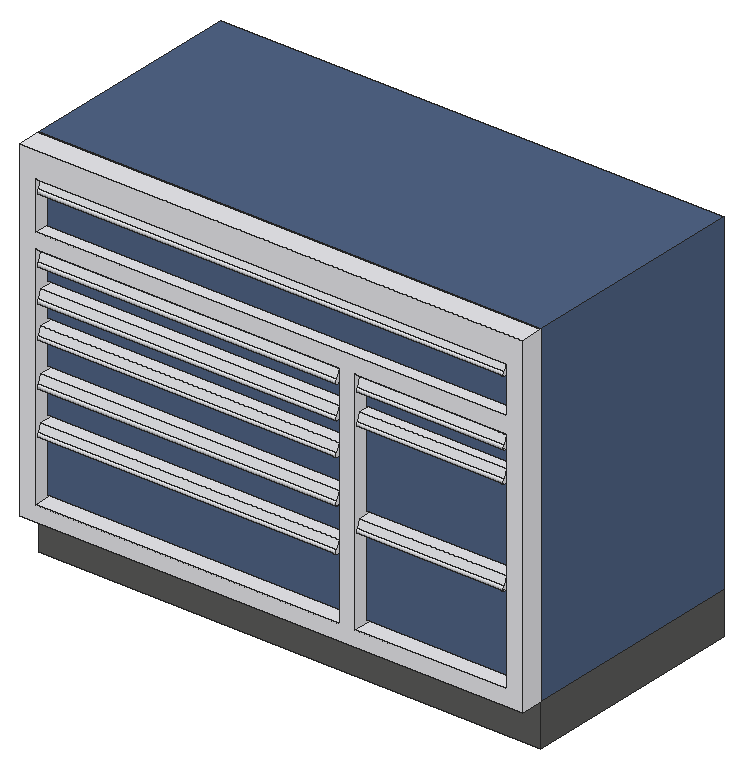
Revit family "Cabinet_Big-Drawer_No-Doors_Moduline", category Furniture, Revit 2024
Family settings
  OmniClass Number = 23.40.20.00
  OmniClass Title = General Furniture and Specialties
  Work Plane-Based = No
  Enable Cutting in Views = No
  Always vertical = Yes
  Cut with Voids When Loaded = No
  Render Appearance Source = Family Geometry
  Shared = No
  Room Calculation Point = No
Parameters (values of type "32"H x 24"D x 48"W")
  Width = 48.000"
  URL = "https://modulinecabinets.com"
  Toe Kick Material [instance] = Metal - Moduline Aluminum Cabinets - Black
  Toe Kick Height [instance] = if(Toe Kick 2in, 2.000", 4.000")  # 4.000"
  Toe Kick 4in [instance] = not(Toe Kick 2in)  # yes
  Toe Kick 2in [instance] = no
  Right Drawers Segment Length = if(Width = 48.000", 14.000", if(Width = 60.000", 22.500", 0.000"))  # 14.000"
  Product Page URL = "https://www.arcat.com/company/moduline-aluminum-cabinets-54175"
  Model = "Pro II Big Drawer Units"
  Manufacturer = "Moduline Aluminum Cabinets"
  Left Drawers Segment Length = if(Width = 60.000", 32.000", if(Width = 48.000", 28.500", 0.000"))  # 28.500"
  Keynote = "12 35 00"
  Height = 31.875"
  Handle Length = Width - 3.500"  # 44.500"
  Frame Material [instance] = Aluminum - Moduline Aluminum Cabinets - Clear Anodized
  Drawer Clearance = if(Depth = 24.000", 20.750", if(Depth = 18.000", 14.750", 0.000"))  # 20.750"
  Description = "Modular Big Drawer Unit, 32\" Height x 24\" Depth x 48\" Width"
  Depth = 24.000"  # constant formula
  Default Elevation = 0.000"
  Copyright = "ARCAT"
  Cabinet Material [instance] = Aluminum - Moduline Aluminum Cabinets - Moduline Blue
  36" Height Drawers Configuration = no
  32" Height Drawers Configuration = yes
Types (4): name | Width | Right Drawers Segment Length | Left Drawers Segment Length | Height | Handle Length | Description | 36" Height Drawers Configuration | 32" Height Drawers Configuration
  32"H x 24"D x 48"W | 48.000" | 14.000" | 28.500" | 31.875" | 44.500" | "Modular Big Drawer Unit, 32\" Height x 24\" Depth x 48\" Width" | no | yes
  36"H x 24"D x 60"W | 60.000" | 22.500" | 32.000" | 35.875" | 56.500" | "Modular Big Drawer Unit, 36\" Height x 24\" Depth x 60\" Width" | yes | no
  36"H x 24"D x 48"W | 48.000" | 14.000" | 28.500" | 35.875" | 44.500" | "Modular Big Drawer Unit, 36\" Height x 24\" Depth x 48\" Width" | yes | no
  32"H x 24"D x 60"W | 60.000" | 22.500" | 32.000" | 31.875" | 56.500" | "Modular Big Drawer Unit, 32\" Height x 24\" Depth x 60\" Width" | no | yes
Reference planes (in)
  plane 1 "Center Front/Back": y = 0
  plane 2 "Bottom": z = 0
  plane 3 "Center Left/Right": x = 0
  plane 4 "Top": z = 35.875
  plane 5 "Left": x = -24
  plane 6 "Right": x = 24
  plane 7 "Toe Kick Height": z = 4
  plane 8 "Front": y = -24
  plane 9 "Frame Back": y = -21.81448
  plane 10 "Drawer Handle": y = -22.31448
  plane 11 "Left Door/Drawer": x = -22.25
  plane 12 "Left Left Door/Drawer": x = 6.25
  plane 13 "Right Door/Drawer": x = 8.25
  plane 14 "Right Right Door/Drawer": x = 22.25
Forms (in)
  Extrusion 1, solid, material "Metal - Moduline Aluminum Cabinets - Black" <- "Toe Kick Material"
    sketch origin (0, 0, 0) x (0, 1, 0) y (0, 0, 1)
      loop
        line (-21.81448, 4) -> (-21.81448, 0) -> (0, 0) -> (0, 4) -> (-21.81448, 4)
    from -24 to 24
  Extrusion 2, solid, material "Aluminum - Moduline Aluminum Cabinets - Clear Anodized" <- "Frame Material"
    sketch origin (0, 0, 0) x (1, 0, 0) y (0, 0, 1)
      loop
        line (-24, 35.875) -> (-24, 4) -> (24, 4) -> (24, 35.875) -> (-24, 35.875)
      loop
        line (-22.5, 33.38183) -> (-22.5, 28.85618) -> (22.5, 28.85618) -> (22.5, 33.38183) -> (-22.5, 33.38183)
      loop
        line (-22.5, 5.5) -> (6.5, 5.5) -> (6.5, 27.36196) -> (-22.5, 27.36196) -> (-22.5, 5.5)
      loop
        line (22.5, 5.5) -> (22.5, 27.36196) -> (8, 27.36196) -> (8, 5.5) -> (22.5, 5.5)
    from 21.81448 to 24
  Extrusion 3, solid, material "Aluminum - Moduline Aluminum Cabinets - Moduline Blue" <- "Cabinet Material", visible <- "32" Height Drawers Configuration"
    sketch origin (0, 0, 0) x (1, 0, 0) y (0, 0, 1)
      loop
        line (-22.25, 12.14196) -> (-22.25, 5.9) -> (6.25, 5.9) -> (6.25, 12.14196) -> (-22.25, 12.14196)
      loop
        line (-22.25, 16.28696) -> (-22.25, 12.78696) -> (6.25, 12.78696) -> (6.25, 16.28696) -> (-22.25, 16.28696)
      loop
        line (-22.25, 16.93196) -> (6.25, 16.93196) -> (6.25, 20.43196) -> (-22.25, 20.43196) -> (-22.25, 16.93196)
      loop
        line (-22.25, 23.57696) -> (-22.25, 21.07696) -> (6.25, 21.07696) -> (6.25, 23.57696) -> (-22.25, 23.57696)
      loop
        line (-22.25, 24.22196) -> (6.25, 24.22196) -> (6.25, 26.72196) -> (-22.25, 26.72196) -> (-22.25, 24.22196)
      loop
        line (8.25, 14.64196) -> (8.25, 5.9) -> (22.25, 5.9) -> (22.25, 14.64196) -> (8.25, 14.64196)
      loop
        line (8.25, 23.78696) -> (8.25, 15.28696) -> (22.25, 15.28696) -> (22.25, 23.78696) -> (8.25, 23.78696)
      loop
        line (8.25, 24.22196) -> (22.25, 24.22196) -> (22.25, 26.72196) -> (8.25, 26.72196) -> (8.25, 24.22196)
      loop
        line (-22.25, 32.994) -> (-22.25, 28.994) -> (22.25, 28.994) -> (22.25, 32.994) -> (-22.25, 32.994)
    from 21.81448 to 22.89839
  Extrusion 4, solid, material "Aluminum - Moduline Aluminum Cabinets - Moduline Blue" <- "Cabinet Material"
    sketch origin (0, 0, 0) x (0, 1, 0) y (0, 0, 1)
      loop
        line (0, 35.875) -> (-21.81448, 35.875) -> (-21.81448, 4) -> (0, 4) -> (0, 35.875)
    from -24 to 24
  Extrusion 5, solid, material "Aluminum - Moduline Aluminum Cabinets - Moduline Blue" <- "Cabinet Material", visible <- "36" Height Drawers Configuration"
    sketch origin (0, -22.31448, 0) x (0, 0, 1) y (-1, 0, 0)
      loop
        line (36.999, 22.25) -> (32.999, 22.25) -> (32.999, -22.25) -> (36.999, -22.25) -> (36.999, 22.25)
      loop
        line (12.07196, 22.25) -> (5.9, 22.25) -> (5.9, -6.25) -> (12.07196, -6.25) -> (12.07196, 22.25)
      loop
        line (16.21696, 22.25) -> (12.71696, 22.25) -> (12.71696, -6.25) -> (16.21696, -6.25) -> (16.21696, 22.25)
      loop
        line (20.36196, 22.25) -> (16.86196, 22.25) -> (16.86196, -6.25) -> (20.36196, -6.25) -> (20.36196, 22.25)
      loop
        line (21.00696, 22.25) -> (21.00696, -6.25) -> (24.50696, -6.25) -> (24.50696, 22.25) -> (21.00696, 22.25)
      loop
        line (25.15196, 22.25) -> (25.15196, -6.25) -> (27.65196, -6.25) -> (27.65196, 22.25) -> (25.15196, 22.25)
      loop
        line (30.79696, 22.25) -> (28.29696, 22.25) -> (28.29696, -6.25) -> (30.79696, -6.25) -> (30.79696, 22.25)
      loop
        line (5.9, -8.25) -> (5.9, -22.25) -> (16.4, -22.25) -> (16.4, -8.25) -> (5.9, -8.25)
      loop
        line (30.555, -8.25) -> (28.055, -8.25) -> (28.055, -22.25) -> (30.555, -22.25) -> (30.555, -8.25)
      loop
        line (27.41781, -8.25) -> (16.91781, -8.25) -> (16.91781, -22.25) -> (27.41781, -22.25) -> (27.41781, -8.25)
    from -0.5 to 0.58391
Lines and regions (in)
  Masking region 1
    outline origin (0, 0, 0) x (1, 0, 0) y (0, 1, 0)
      loop
        line (-24, 0) -> (-24, -24) -> (24, -24) -> (24, 0) -> (-24, 0)
  model lines
    curve 1: line (24, 0, 35.3385) -> (24, 0, 35.50732)
  symbolic lines, style "FurnitureHiddenLines"
    curve 2: line (-24, -24, 35.875) -> (-24, -44.75, 35.875)
    curve 3: line (-24, -44.75, 35.875) -> (24, -44.75, 35.875)
    curve 4: line (24, -44.75, 35.875) -> (24, -24, 35.875)
Dimensions and locks (in)
  "Toe Kick Height": plane 7 "Toe Kick Height" to plane 2 "Bottom"
  "Height": plane 4 "Top" to plane 7 "Toe Kick Height"
  "Width": plane 6 "Right" to plane 5 "Left"
  equal spacing: plane 6 "Right", plane 3 "Center Left/Right", plane 5 "Left"
  locked: plane 8 "Front" to Extrusion 1 sketch curve at 2.18552
  plane 9 "Frame Back" to plane 8 "Front" = 2.18552"
  plane 9 "Frame Back" to plane 10 "Drawer Handle" = 0.500"
  "Depth": plane 8 "Front" to plane 1 "Center Front/Back"
  "Drawer Clearance": curve 3 to plane 8 "Front"
  plane 4 "Top" to Extrusion 2 sketch curve = 2.49317"
  plane 10 "Drawer Handle" to plane 8 "Front" = 1.68552"
  Extrusion 2 sketch curve to plane 6 "Right" = 16.000"
  Extrusion 2 sketch curve to plane 6 "Right" = 17.500"
  locked: plane 4 "Top" to Extrusion 2 sketch curve at 7.01882
  locked: plane 4 "Top" to Extrusion 2 sketch curve at 8.51304  (x2)
  plane 11 "Left Door/Drawer" to plane 5 "Left" = 1.750"
  "Left Drawers Segment Length": plane 12 "Left Left Door/Drawer" to plane 11 "Left Door/Drawer"
  locked: Extrusion 2 sketch curve to plane 12 "Left Left Door/Drawer" at 0.25
  locked: Extrusion 2 sketch curve to plane 12 "Left Left Door/Drawer" at 1.75
  locked: Extrusion 3 sketch curve to plane 12 "Left Left Door/Drawer" at 2  (x3)
  locked: plane 4 "Top" to nested 1 at 3.11233
  locked: plane 4 "Top" to nested 4 at 9.38938
  locked: plane 4 "Top" to nested 2 at 12.53438
  locked: plane 4 "Top" to nested 3 at 15.67938
  locked: plane 4 "Top" to nested 5 at 19.82438
  locked: plane 4 "Top" to nested 6 at 23.96938
  "Right Drawers Segment Length": plane 14 "Right Right Door/Drawer" to plane 13 "Right Door/Drawer"
  plane 6 "Right" to plane 14 "Right Right Door/Drawer" = 1.750"
  plane 13 "Right Door/Drawer" to plane 12 "Left Left Door/Drawer" = 2.000"
  locked: plane 4 "Top" to nested 7 at 9.38938
  locked: plane 4 "Top" to nested 8 at 12.32438  (x2)
  locked: plane 4 "Top" to nested 9 at 21.46938
  Extrusion 2 sketch curve to plane 13 "Right Door/Drawer" = 0.250"
  locked: plane 4 "Top" to Extrusion 3 sketch curve at 6.881
  locked: plane 4 "Top" to Extrusion 3 sketch curve at 2.881
  Extrusion 3 sketch curve to Extrusion 3 sketch curve = 2.500"  (x3)
  Extrusion 3 sketch curve to Extrusion 3 sketch curve = 3.500"  (x2)
  Extrusion 3 sketch curve to Extrusion 3 sketch curve = 6.24196"
  Extrusion 3 sketch curve to Extrusion 3 sketch curve = 8.74196"
  Extrusion 3 sketch curve to Extrusion 3 sketch curve = 8.500"
  locked: Extrusion 5 sketch curve to Extrusion 5 sketch curve at 4
  Extrusion 5 sketch curve to Extrusion 5 sketch curve = 2.500"  (x3)
  Extrusion 5 sketch curve to Extrusion 5 sketch curve = 3.500"  (x3)
  Extrusion 5 sketch curve to Extrusion 5 sketch curve = 6.17196"
  Extrusion 5 sketch curve to Extrusion 3 = 10.500"
  Extrusion 5 sketch curve to Extrusion 5 sketch curve = 10.500"
  locked: plane 4 "Top" to nested 10 at 9.31438
  locked: plane 4 "Top" to nested 11 at 12.45938
  locked: plane 4 "Top" to nested 12 at 15.60438
  locked: plane 4 "Top" to nested 13 at 19.74938
  locked: plane 4 "Top" to nested 14 at 23.89438
  locked: plane 4 "Top" to nested 15 at 28.03938
  locked: plane 4 "Top" to nested 16 at 9.31438
  locked: plane 4 "Top" to nested 18 at 23.46938
  Extrusion 3 sketch curve to Extrusion 2 = 0.400"
  aligned and locked: level to plane 2 "Bottom"
  aligned and locked: plane 7 "Toe Kick Height" to Extrusion 1 sketch curve
  aligned and locked: plane 1 "Center Front/Back" to Extrusion 1 sketch curve
  aligned and locked: plane 2 "Bottom" to Extrusion 1 sketch curve
  aligned and locked: plane 6 "Right" to Extrusion 1
  aligned and locked: Extrusion 1 to plane 5 "Left"
  aligned and locked: Extrusion 2 sketch curve to plane 4 "Top"
  aligned and locked: plane 5 "Left" to Extrusion 2 sketch curve
  aligned and locked: Extrusion 2 sketch curve to plane 6 "Right"
  aligned and locked: Extrusion 2 sketch curve to plane 7 "Toe Kick Height"
  aligned and locked: Extrusion 2 to plane 8 "Front"
  aligned and locked: plane 9 "Frame Back" to Extrusion 2
  aligned and locked: plane 9 "Frame Back" to Extrusion 3
  aligned and locked: Masking region 1 sketch curve to plane 6 "Right"
  aligned and locked: plane 1 "Center Front/Back" to Masking region 1 sketch curve
  aligned and locked: plane 5 "Left" to Masking region 1 sketch curve
  aligned and locked: plane 8 "Front" to Masking region 1 sketch curve
  aligned and locked: Extrusion 3 sketch curve to plane 12 "Left Left Door/Drawer"  (x3)
  aligned and locked: plane 12 "Left Left Door/Drawer" to Extrusion 3 sketch curve  (x2)
  aligned and locked: Extrusion 3 sketch curve to plane 11 "Left Door/Drawer"  (x2)
  aligned and locked: plane 11 "Left Door/Drawer" to Extrusion 3 sketch curve  (x3)
  aligned and locked: plane 12 "Left Left Door/Drawer" to nested 4
  aligned and locked: plane 11 "Left Door/Drawer" to nested 4
  aligned and locked: plane 11 "Left Door/Drawer" to nested 2
  aligned and locked: plane 12 "Left Left Door/Drawer" to nested 2
  aligned and locked: plane 12 "Left Left Door/Drawer" to nested 3
  aligned and locked: plane 11 "Left Door/Drawer" to nested 3
  aligned and locked: plane 11 "Left Door/Drawer" to nested 5
  aligned and locked: plane 12 "Left Left Door/Drawer" to nested 5
  aligned and locked: plane 11 "Left Door/Drawer" to nested 6
  aligned and locked: plane 12 "Left Left Door/Drawer" to nested 6
  aligned and locked: plane 11 "Left Door/Drawer" to nested 1
  aligned and locked: plane 14 "Right Right Door/Drawer" to nested 1
  aligned and locked: plane 14 "Right Right Door/Drawer" to nested 7
  aligned and locked: plane 14 "Right Right Door/Drawer" to nested 8
  aligned and locked: plane 14 "Right Right Door/Drawer" to nested 9
  aligned and locked: plane 1 "Center Front/Back" to Extrusion 4 sketch curve
  aligned and locked: Extrusion 4 sketch curve to plane 4 "Top"
  aligned and locked: Extrusion 4 sketch curve to plane 7 "Toe Kick Height"
  aligned and locked: plane 9 "Frame Back" to Extrusion 4 sketch curve
  aligned and locked: plane 6 "Right" to Extrusion 4
  aligned and locked: Extrusion 4 to plane 5 "Left"
  aligned and locked: plane 11 "Left Door/Drawer" to Extrusion 5 sketch curve  (x4)
  aligned and locked: Extrusion 5 sketch curve to plane 14 "Right Right Door/Drawer"  (x2)
  aligned and locked: Extrusion 5 sketch curve to plane 12 "Left Left Door/Drawer"  (x3)
  aligned and locked: Extrusion 5 sketch curve to plane 11 "Left Door/Drawer"
  aligned and locked: plane 12 "Left Left Door/Drawer" to Extrusion 5 sketch curve
  aligned and locked: Extrusion 5 sketch curve to plane 13 "Right Door/Drawer"
  aligned and locked: plane 14 "Right Right Door/Drawer" to Extrusion 5 sketch curve
  aligned and locked: plane 13 "Right Door/Drawer" to Extrusion 5 sketch curve
  aligned and locked: Extrusion 5 to Extrusion 1
  aligned and locked: plane 11 "Left Door/Drawer" to nested 10
  aligned and locked: plane 12 "Left Left Door/Drawer" to nested 10
  aligned and locked: plane 12 "Left Left Door/Drawer" to nested 11
  aligned and locked: plane 11 "Left Door/Drawer" to nested 11
  aligned and locked: plane 11 "Left Door/Drawer" to nested 12
  aligned and locked: plane 12 "Left Left Door/Drawer" to nested 12
  aligned and locked: plane 12 "Left Left Door/Drawer" to nested 13
  aligned and locked: plane 11 "Left Door/Drawer" to nested 13
  aligned and locked: plane 11 "Left Door/Drawer" to nested 14
  aligned and locked: plane 12 "Left Left Door/Drawer" to nested 14
  aligned and locked: plane 11 "Left Door/Drawer" to nested 15
  aligned and locked: plane 12 "Left Left Door/Drawer" to nested 15
  aligned and locked: plane 13 "Right Door/Drawer" to nested 17
  aligned and locked: plane 14 "Right Right Door/Drawer" to nested 17
  aligned and locked: plane 13 "Right Door/Drawer" to nested 18
  aligned and locked: plane 14 "Right Right Door/Drawer" to nested 18
  aligned and locked: plane 13 "Right Door/Drawer" to nested 16
  aligned and locked: plane 14 "Right Right Door/Drawer" to nested 16
Automatic sketch dimensions
  Extrusion 3 sketch curve to plane 14 "Right Right Door/Drawer" = 0.000"  (x4)
  Extrusion 3 sketch curve to Extrusion 3 sketch curve = 0.645"  (x5)
  Extrusion 3 sketch curve to Extrusion 3 sketch curve = 0.435"
  Extrusion 3 sketch curve to Extrusion 3 sketch curve = 0.000"
  Extrusion 3 sketch curve to plane 11 "Left Door/Drawer" = 0.000"
  curve 1 to plane 6 "Right" = 0.000"
  curve 1 to plane 4 "Top" = 0.5365"
  curve 1 to curve 1 = 0.16882"
  Extrusion 2 sketch curve to plane 11 "Left Door/Drawer" = 0.250"  (x2)
  Extrusion 2 sketch curve to plane 6 "Right" = 1.500"  (x2)
  Extrusion 2 sketch curve to plane 7 "Toe Kick Height" = 1.500"  (x2)
  Extrusion 5 sketch curve to plane 13 "Right Door/Drawer" = 0.000"
  Extrusion 5 sketch curve to plane 14 "Right Right Door/Drawer" = 0.000"
  Extrusion 5 sketch curve to plane 11 "Left Door/Drawer" = 0.000"  (x2)
  Extrusion 5 sketch curve to plane 12 "Left Left Door/Drawer" = 0.000"  (x2)
  Extrusion 5 sketch curve to plane 7 "Toe Kick Height" = 1.900"  (x2)
  Extrusion 5 sketch curve to Extrusion 5 sketch curve = 0.645"  (x5)
  Extrusion 5 sketch curve to Extrusion 5 sketch curve = 0.51781"
  Extrusion 5 sketch curve to Extrusion 5 sketch curve = 0.63719"
  Extrusion 5 sketch curve to Extrusion 5 sketch curve = 2.20205"
  curve 4 to plane 6 "Right" = 0.000"
  curve 3 to plane 5 "Left" = 0.000"
  curve 4 to plane 8 "Front" = 0.000"
  curve 2 to plane 8 "Front" = 0.000"
Nested families (in)
  nested 1: "NEST_QuickDraw-Single_Action_Latch_System" at (0, -22.31448, 32.76267) x (1, 0, 0) z (0, -1, 0), Drawer Handle Material <- "Frame Material", type "NEST_QuickDraw-Single_Action_Latch_System"
    with Length 44.500", Drawer Handle Material Aluminum - Moduline Aluminum Cabinets - Clear Anodized
  nested 2: "NEST_QuickDraw-Single_Action_Latch_System" at (-8, -22.31448, 23.34062) x (1, 0, 0) z (0, -1, 0), Drawer Handle Material <- "Frame Material", Length <- "Left Drawers Segment Length", visible <- "32" Height Drawers Configuration", type "NEST_QuickDraw-Single_Action_Latch_System"
    with Length 28.500", Drawer Handle Material Aluminum - Moduline Aluminum Cabinets - Clear Anodized
  nested 3: "NEST_QuickDraw-Single_Action_Latch_System" at (-8, -22.31448, 20.19562) x (1, 0, 0) z (0, -1, 0), Drawer Handle Material <- "Frame Material", Length <- "Left Drawers Segment Length", visible <- "32" Height Drawers Configuration", type "NEST_QuickDraw-Single_Action_Latch_System"
    with Length 28.500", Drawer Handle Material Aluminum - Moduline Aluminum Cabinets - Clear Anodized
  nested 4: "NEST_QuickDraw-Single_Action_Latch_System" at (-8, -22.31448, 26.48562) x (1, 0, 0) z (0, -1, 0), Drawer Handle Material <- "Frame Material", Length <- "Left Drawers Segment Length", visible <- "32" Height Drawers Configuration", type "NEST_QuickDraw-Single_Action_Latch_System"
    with Length 28.500", Drawer Handle Material Aluminum - Moduline Aluminum Cabinets - Clear Anodized
  nested 5: "NEST_QuickDraw-Single_Action_Latch_System" at (-8, -22.31448, 16.05062) x (1, 0, 0) z (0, -1, 0), Drawer Handle Material <- "Frame Material", Length <- "Left Drawers Segment Length", visible <- "32" Height Drawers Configuration", type "NEST_QuickDraw-Single_Action_Latch_System"
    with Length 28.500", Drawer Handle Material Aluminum - Moduline Aluminum Cabinets - Clear Anodized
  nested 6: "NEST_QuickDraw-Single_Action_Latch_System" at (-8, -22.31448, 11.90562) x (1, 0, 0) z (0, -1, 0), Drawer Handle Material <- "Frame Material", Length <- "Left Drawers Segment Length", visible <- "32" Height Drawers Configuration", type "NEST_QuickDraw-Single_Action_Latch_System"
    with Length 28.500", Drawer Handle Material Aluminum - Moduline Aluminum Cabinets - Clear Anodized
  nested 7: "NEST_QuickDraw-Single_Action_Latch_System" at (15.25, -22.31448, 26.48562) x (1, 0, 0) z (0, -1, 0), Drawer Handle Material <- "Frame Material", Length <- "Right Drawers Segment Length", visible <- "32" Height Drawers Configuration", type "NEST_QuickDraw-Single_Action_Latch_System"
    with Length 14.000", Drawer Handle Material Aluminum - Moduline Aluminum Cabinets - Clear Anodized
  nested 8: "NEST_QuickDraw-Single_Action_Latch_System" at (15.25, -22.31448, 23.55062) x (1, 0, 0) z (0, -1, 0), Drawer Handle Material <- "Frame Material", Length <- "Right Drawers Segment Length", visible <- "32" Height Drawers Configuration", type "NEST_QuickDraw-Single_Action_Latch_System"
    with Length 14.000", Drawer Handle Material Aluminum - Moduline Aluminum Cabinets - Clear Anodized
  nested 9: "NEST_QuickDraw-Single_Action_Latch_System" at (15.25, -22.31448, 14.40562) x (1, 0, 0) z (0, -1, 0), Drawer Handle Material <- "Frame Material", Length <- "Right Drawers Segment Length", visible <- "32" Height Drawers Configuration", type "NEST_QuickDraw-Single_Action_Latch_System"
    with Length 14.000", Drawer Handle Material Aluminum - Moduline Aluminum Cabinets - Clear Anodized
  nested 10: "NEST_QuickDraw-Single_Action_Latch_System" at (-8, -22.31448, 26.56062) x (1, 0, 0) z (0, -1, 0), visible <- "36" Height Drawers Configuration", Drawer Handle Material <- "Frame Material", Length <- "Left Drawers Segment Length", type "NEST_QuickDraw-Single_Action_Latch_System"
    with Length 28.500", Drawer Handle Material Aluminum - Moduline Aluminum Cabinets - Clear Anodized
  nested 11: "NEST_QuickDraw-Single_Action_Latch_System" at (-8, -22.31448, 23.41562) x (1, 0, 0) z (0, -1, 0), Length <- "Left Drawers Segment Length", Drawer Handle Material <- "Frame Material", visible <- "36" Height Drawers Configuration", type "NEST_QuickDraw-Single_Action_Latch_System"
    with Length 28.500", Drawer Handle Material Aluminum - Moduline Aluminum Cabinets - Clear Anodized
  nested 12: "NEST_QuickDraw-Single_Action_Latch_System" at (-8, -22.31448, 20.27062) x (1, 0, 0) z (0, -1, 0), visible <- "36" Height Drawers Configuration", Drawer Handle Material <- "Frame Material", Length <- "Left Drawers Segment Length", type "NEST_QuickDraw-Single_Action_Latch_System"
    with Length 28.500", Drawer Handle Material Aluminum - Moduline Aluminum Cabinets - Clear Anodized
  nested 13: "NEST_QuickDraw-Single_Action_Latch_System" at (-8, -22.31448, 16.12562) x (1, 0, 0) z (0, -1, 0), visible <- "36" Height Drawers Configuration", Drawer Handle Material <- "Frame Material", Length <- "Left Drawers Segment Length", type "NEST_QuickDraw-Single_Action_Latch_System"
    with Length 28.500", Drawer Handle Material Aluminum - Moduline Aluminum Cabinets - Clear Anodized
  nested 14: "NEST_QuickDraw-Single_Action_Latch_System" at (-8, -22.31448, 11.98062) x (1, 0, 0) z (0, -1, 0), visible <- "36" Height Drawers Configuration", Drawer Handle Material <- "Frame Material", Length <- "Left Drawers Segment Length", type "NEST_QuickDraw-Single_Action_Latch_System"
    with Length 28.500", Drawer Handle Material Aluminum - Moduline Aluminum Cabinets - Clear Anodized
  nested 15: "NEST_QuickDraw-Single_Action_Latch_System" at (-8, -22.31448, 7.83562) x (1, 0, 0) z (0, -1, 0), visible <- "36" Height Drawers Configuration", Drawer Handle Material <- "Frame Material", Length <- "Left Drawers Segment Length", type "NEST_QuickDraw-Single_Action_Latch_System"
    with Length 28.500", Drawer Handle Material Aluminum - Moduline Aluminum Cabinets - Clear Anodized
  nested 16: "NEST_QuickDraw-Single_Action_Latch_System" at (15.25, -22.31448, 26.56062) x (1, 0, 0) z (0, -1, 0), visible <- "36" Height Drawers Configuration", Drawer Handle Material <- "Frame Material", Length <- "Right Drawers Segment Length", type "NEST_QuickDraw-Single_Action_Latch_System"
    with Length 14.000", Drawer Handle Material Aluminum - Moduline Aluminum Cabinets - Clear Anodized
  nested 17: "NEST_QuickDraw-Single_Action_Latch_System" at (15.25, -21.81448, 23.42343) x (1, 0, 0) z (0, -1, 0), visible <- "36" Height Drawers Configuration", Drawer Handle Material <- "Frame Material", Length <- "Right Drawers Segment Length", type "NEST_QuickDraw-Single_Action_Latch_System"
    with Length 14.000", Drawer Handle Material Aluminum - Moduline Aluminum Cabinets - Clear Anodized
  nested 18: "NEST_QuickDraw-Single_Action_Latch_System" at (15.25, -22.31448, 12.40562) x (1, 0, 0) z (0, -1, 0), visible <- "36" Height Drawers Configuration", Drawer Handle Material <- "Frame Material", Length <- "Right Drawers Segment Length", type "NEST_QuickDraw-Single_Action_Latch_System"
    with Length 14.000", Drawer Handle Material Aluminum - Moduline Aluminum Cabinets - Clear Anodized
Definition of nested family "NEST_QuickDraw-Single_Action_Latch_System"
  Parameters (values of type "NEST_QuickDraw-Single_Action_Latch_System")
    Length [instance] = 32.29395"
    Drawer Handle Material [instance] = none
    Default Elevation = 48.000"
  Reference planes (in)
    plane 1 "Center (Front/Back)": y = 0
    plane 2: z = 0
    plane 3 "Center (Left/Right)": x = 0
    plane 4: x = 16.14697
    plane 5: x = -16.14697
  Forms (in)
    Extrusion 1, solid
      sketch origin (0, 0, 0) x (1, 0, 0) y (0, 1, 0)
        loop
          line (-48, 48) -> (-48, -48) -> (48, -48) -> (48, 48) -> (-48, 48)
      from 0 to -12
    Extrusion 2, solid, material <- "Drawer Handle Material"
      sketch origin (0.42706, -2.62559, -0.04495) x (0, 1, 0) y (0, 0, 1)
        loop
          line (3.19475, 0.04495) -> (3.19475, 1.41644) -> (2.42653, 1.66605)
          arc (2.42653, 1.66605) -> (2.07868, 1.7476) -> (2.33745, 1.50125) r 0.18511
          line (2.33745, 1.50125) -> (2.85692, 1.33246) -> (2.85692, 0.04495) -> (3.19475, 0.04495)
      from -16.57403 to 15.71991
  Dimensions and locks (in)
    equal spacing: plane 5, plane 3 "Center (Left/Right)", plane 4
    "Length": plane 5 to plane 4
    aligned and locked: plane 2 to Extrusion 1
    aligned and locked: level to Extrusion 1
    aligned and locked: plane 2 to Extrusion 2 sketch curve
    aligned and locked: plane 5 to Extrusion 2
    aligned and locked: plane 4 to Extrusion 2
  Automatic sketch dimensions
    Extrusion 1 sketch curve to Extrusion 1 sketch curve = 96.000"  (x2)
    Extrusion 2 sketch curve to Extrusion 2 sketch curve = 0.09592"
    Extrusion 2 sketch curve to Extrusion 2 sketch curve = 0.185"
    Extrusion 2 sketch curve to Extrusion 2 sketch curve = 0.51947"
    Extrusion 2 sketch curve to Extrusion 2 sketch curve = 0.33783"
    Extrusion 2 sketch curve to Extrusion 2 sketch curve = 1.28751"
    Extrusion 2 sketch curve to Extrusion 2 sketch curve = 0.08398"
    Extrusion 2 sketch curve to Extrusion 2 sketch curve = 0.16879"
    Extrusion 2 sketch curve to Extrusion 2 sketch curve = 0.15832"
    plane 1 "Center (Front/Back)" to Extrusion 2 sketch curve = 0.38405"
